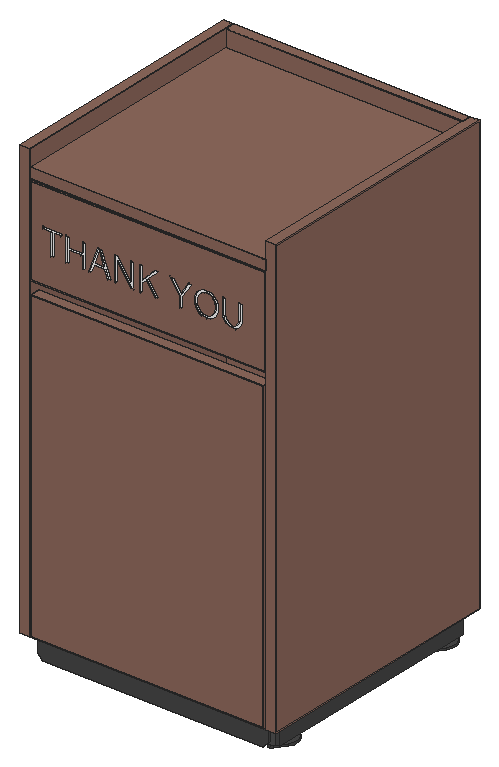
Revit family "Plymold-Receptacles-Economy_Waste", category Furniture, Revit 2022
Family settings
  OmniClass Number = 23.40.20.00
  OmniClass Title = General Furniture and Specialties
  Work Plane-Based = No
  Always vertical = Yes
  Cut with Voids When Loaded = No
  Render Appearance Source = Family Geometry
  Shared = No
  Room Calculation Point = No
Parameters (values of type "80501")
  Width = 23"
  URL = "https://plymold.com/"
  Type Comments = "Receptacles"  # constant formula
  TOP MATERIAL = PLY - Wood Mahogany - Horizontal
  Sustainability = "https://plymold.com/plymolds-sustainability-efforts/"
  SIDE MATERIAL = PLY - Wood Mahogany - Vertical
  Revit File Built By = "https://servex-us.com/servex-revit/"
  Product Documentation Link = "https://plymold.com/product/economy-waste-receptacle-with-swing-door/"
  Model = "80501"  # constant formula
  Manufacturer = "Plymold Inc."  # constant formula
  Keynote = "12500"  # constant formula
  Height = 42 1/2"
  GLIDES MATERIAL = PLY - Plastic Black
  EDGE MATERIAL = PLY - Wood Mahogany - Vertical
  Description = "Shelf Top Waste Receptacle - 23\"W x 23\"D x 41.5\"H"
  Depth = 23"
  Default Elevation = 0"
  DOOR MATERIAL = PLY - Wood Mahogany - Vertical
  BASE MATERIAL = PLY - Onyx Black Powdercoat
  BACK MATERIAL = PLY - Wood Mahogany - Vertical
  Assembly Code = "E2020200"
Reference planes (in)
  plane 1 "Center Front/Back": y = 0
  plane 2: z = 0
  plane 3 "Center Left/Right": x = 0
  plane 4: x = -11.5
  plane 5: x = 11.5
  plane 6: y = 11.5
  plane 7: y = -11.5
  plane 8: z = 42.5
  plane 9: y = -10.602
  plane 10: y = 10.625
  plane 11: y = -9.9605
Forms (in)
  Extrusion 1, solid, material "PLY - Wood Mahogany - Vertical" <- "SIDE MATERIAL"
    sketch origin (0, 0, 0) x (1, 0, 0) y (0, 0, 1)
      loop
        line (-10.6875, 41.96875) -> (-11.5625, 41.96875) -> (-11.5625, 2.53125) -> (-10.6875, 2.53125) -> (-10.6875, 41.96875)
      loop
        line (10.6875, 41.96875) -> (10.6875, 2.53125) -> (11.5625, 2.53125) -> (11.5625, 41.96875) -> (10.6875, 41.96875)
    from -11.46875 to 11.46875
  Extrusion 2, solid, material "PLY - Wood Mahogany - Horizontal" <- "TOP MATERIAL"
    sketch origin (0, 0, 0) x (0, 1, 0) y (0, 0, 1)
      loop
        line (10.625, 40.5) -> (-11.46875, 40.5) -> (-11.46875, 39.625) -> (10.625, 39.625) -> (10.625, 40.5)
    from -10.6875 to 10.6875
  Extrusion 3, solid, material "PLY - Wood Mahogany - Vertical" <- "BACK MATERIAL"
    sketch origin (0, 0, 0) x (0, 1, 0) y (0, 0, 1)
      loop
        line (10.625, 41.96875) -> (10.625, 2.53125) -> (11.5, 2.53125) -> (11.5, 41.96875) -> (10.625, 41.96875)
    from -10.6875 to 10.6875
  Sweep 4, solid, material "PLY - Wood Mahogany - Vertical" <- "EDGE MATERIAL"
    path origin (0, 0, 0) x (0, 1, 0) y (0, 0, 1)
      loop
        line (11.5, 42) -> (-11.5, 42) -> (-11.5, 2.5) -> (11.5, 2.5) -> (11.5, 42)
    profile origin (0, 0, 42) x (0, 0, -1) y (1, 0, 0)
      loop
        line (0, -11.5625) -> (0.03125, -11.5625) -> (0.03125, -10.6875) -> (0, -10.6875) -> (0, -11.5625)
      loop
        line (0, 11.5625) -> (0, 10.6875) -> (0.03125, 10.6875) -> (0.03125, 11.5625) -> (0, 11.5625)
  Extrusion 5, solid, material "PLY - Wood Mahogany - Vertical" <- "EDGE MATERIAL"
    sketch origin (0, 0, 0) x (0, 1, 0) y (0, 0, 1)
      loop
        line (-11.46875, 40.5) -> (-11.5, 40.5) -> (-11.5, 39.625) -> (-11.46875, 39.625) -> (-11.46875, 40.5)
    from -10.6875 to 10.6875
  Extrusion 6, solid, material "PLY - Wood Mahogany - Vertical" <- "EDGE MATERIAL"
    sketch origin (0, 0, 0) x (0, 1, 0) y (0, 0, 1)
      loop
        line (10.625, 2.53125) -> (10.625, 2.5) -> (11.5, 2.5) -> (11.5, 2.53125) -> (10.625, 2.53125)
      loop
        line (10.625, 42) -> (10.625, 41.96875) -> (11.5, 41.96875) -> (11.5, 42) -> (10.625, 42)
    from -10.6875 to 10.6875
  Extrusion 7, solid, material "PLY - Wood Mahogany - Vertical" <- "EDGE MATERIAL"
    sketch origin (0, 0, 0) x (1, 0, 0) y (0, 0, 1)
      loop
        line (-10.5625, 39.488) -> (-10.5625, 31.363) -> (10.5625, 31.363) -> (10.5625, 39.488) -> (-10.5625, 39.488)
      loop
        line (10.53125, 31.39425) -> (10.53125, 39.45675) -> (-10.53125, 39.45675) -> (-10.53125, 31.39425) -> (10.53125, 31.39425)
      loop
        line (10.438, 30.237) -> (-10.593, 30.237) -> (-10.593, 2.5) -> (10.438, 2.5) -> (10.438, 30.237)
      loop
        line (-10.56175, 30.20575) -> (-10.56175, 2.53125) -> (10.40675, 2.53125) -> (10.40675, 30.20575) -> (-10.56175, 30.20575)
    from 10.602 to 11.5
  Extrusion 8, solid, material "PLY - Wood Mahogany - Vertical" <- "DOOR MATERIAL"
    sketch origin (0, 0, 0) x (1, 0, 0) y (0, 0, 1)
      loop
        line (-10.53125, 39.45675) -> (-10.53125, 31.39425) -> (10.53125, 31.39425) -> (10.53125, 39.45675) -> (-10.53125, 39.45675)
      loop
        line (10.40675, 30.20575) -> (-10.56175, 30.20575) -> (-10.56175, 2.53125) -> (10.40675, 2.53125) -> (10.40675, 30.20575)
    from 10.602 to 11.5
  Extrusion 9, solid, material "PLY - Onyx Black Powdercoat" <- "BASE MATERIAL"
    sketch origin (0, 0, 0) x (1, 0, 0) y (0, 0, 1)
      loop
        line (-10.218, 3.5) -> (-10.593, 3.5) -> (-10.593, 0.5) -> (-10.218, 0.5) -> (-10.218, 3.5)
      loop
        line (10.3125, 3.5) -> (10.3125, 0.5) -> (10.6875, 0.5) -> (10.6875, 3.5) -> (10.3125, 3.5)
    from -10.625 to 9.9605
  Extrusion 10, solid, material "PLY - Onyx Black Powdercoat" <- "BASE MATERIAL"
    sketch origin (0, 0, 0) x (0, 1, 0) y (0, 0, 1)
      loop
        line (10.49, 3.5) -> (10.355, 3.5) -> (10.355, 0.5) -> (10.49, 0.5) -> (10.49, 3.5)
    from -10.218 to 10.3125
  Extrusion 11, solid, material "PLY - Onyx Black Powdercoat" <- "BASE MATERIAL"
    sketch origin (0, 0, 0) x (1, 0, 0) y (0, 0, 1)
      loop
        line (-10.5307, 1) -> (-10.0307, 0.5) -> (9.8443, 0.5) -> (10.3443, 1) -> (10.3443, 3.5) -> (-10.5307, 3.5) -> (-10.5307, 1)
    from 10.66747 to 10.80247
  Extrusion 12, solid, material "PLY - Plastic Black" <- "GLIDES MATERIAL"
    sketch origin (0, 0, 0) x (1, 0, 0) y (0, 1, 0)
      loop
        line (8.76623, -8.83915) -> (9.42189, -9.73345)
        arc (9.42189, -9.73345) -> (9.67351, -9.86097) -> (9.92513, -9.73345) r 0.312
        line (9.92513, -9.73345) -> (10.58079, -8.83915)
        arc (10.58079, -8.83915) -> (9.67351, -7.04897) -> (8.76623, -8.83915) r 1.125
      loop
        arc (-8.63754, -8.83915) -> (-9.54482, -7.04897) -> (-10.4521, -8.83915) r 1.125
        line (-10.4521, -8.83915) -> (-9.79644, -9.73345)
        arc (-9.79644, -9.73345) -> (-9.54482, -9.86097) -> (-9.2932, -9.73345) r 0.312
        line (-9.2932, -9.73345) -> (-8.63754, -8.83915)
      loop
        line (8.83654, 8.91085) -> (9.4922, 8.01655)
        arc (9.4922, 8.01655) -> (9.74382, 7.88903) -> (9.99544, 8.01655) r 0.312
        line (9.99544, 8.01655) -> (10.6511, 8.91085)
        arc (10.6511, 8.91085) -> (9.74382, 10.70103) -> (8.83654, 8.91085) r 1.125
      loop
        arc (-8.75458, 8.92314) -> (-9.66186, 10.71332) -> (-10.56914, 8.92314) r 1.125
        line (-10.56914, 8.92314) -> (-9.91348, 8.02884)
        arc (-9.91348, 8.02884) -> (-9.66186, 7.90132) -> (-9.41024, 8.02884) r 0.312
        line (-9.41024, 8.02884) -> (-8.75458, 8.92314)
    from 0 to 0.187
  Extrusion 13, solid, material "PLY - Plastic Black" <- "GLIDES MATERIAL"
    sketch origin (0, 0, 0) x (1, 0, 0) y (0, 1, 0)
      loop
        circle (9.73991, 9.58957) r 0.1875
      loop
        circle (-9.66186, 9.58957) r 0.1875
      loop
        circle (-9.54482, -8.20105) r 0.1875
      loop
        circle (9.67351, -8.17484) r 0.1875
    from 0.187 to 1.437
  Extrusion 14, void
    sketch origin (0, -0.60683, 0) x (1, 0, 0) y (0, 0, 1)
      loop
        line (-9.47176, 36.16063) -> (-9.47176, 35.89482) -> (-8.7309, 35.89482) -> (-8.7309, 33.91063) -> (-8.4325, 33.91063) -> (-8.4325, 35.89482) -> (-7.68822, 35.89482) -> (-7.68822, 36.16063) -> (-9.47176, 36.16063)
      loop
        line (-7.37096, 36.16063) -> (-7.37096, 33.91063) -> (-7.07256, 33.91063) -> (-7.07256, 34.97047) -> (-5.9064, 34.97047) -> (-5.9064, 33.91063) -> (-5.608, 33.91063) -> (-5.608, 36.16063) -> (-5.9064, 36.16063) -> (-5.9064, 35.23628) -> (-7.07256, 35.23628) -> (-7.07256, 36.16063) -> (-7.37096, 36.16063)
      loop
        line (-5.35762, 33.91063) -> (-5.04207, 33.91063) -> (-4.79442, 34.59105) -> (-3.8519, 34.59105) -> (-3.59123, 33.91022) -> (-3.25167, 33.91022) -> (-4.17088, 36.16022) -> (-4.49329, 36.16022) -> (-5.35762, 33.91063)
      loop
        line (-4.71441, 34.83285) -> (-3.94576, 34.83285) -> (-4.33009, 35.94902) -> (-4.71441, 34.83285)
      loop
        line (-3.01673, 33.91022) -> (-2.73205, 33.91022) -> (-2.73205, 35.6766) -> (-1.54874, 33.91022) -> (-1.24348, 33.91022) -> (-1.24348, 36.16022) -> (-1.52816, 36.16022) -> (-1.52816, 34.39383) -> (-2.71147, 36.16022) -> (-3.01673, 36.16022) -> (-3.01673, 33.91022)
      loop
        line (-0.75644, 36.16022) -> (-0.75644, 33.91022) -> (-0.45804, 33.91022) -> (-0.45804, 34.69051) -> (-0.08932, 35.04722) -> (0.71155, 33.91022) -> (1.10427, 33.91022) -> (0.11914, 35.2489) -> (1.06345, 36.16026) -> (0.71012, 36.16026) -> (-0.45804, 34.99603) -> (-0.45804, 36.16022) -> (-0.75644, 36.16022)
      loop
        line (1.99261, 36.16022) -> (2.86037, 34.86372) -> (2.86037, 33.91022) -> (3.15877, 33.91022) -> (3.15877, 34.86372) -> (4.0574, 36.16022) -> (3.71098, 36.16022) -> (3.02841, 35.10037) -> (2.35446, 36.16022) -> (1.99261, 36.16022)
      loop
        line (6.77386, 36.16022) -> (6.77386, 34.75486)
        arc (6.77386, 34.75486) -> (7.65877, 33.86995) -> (8.54368, 34.75486) r 0.88491
        line (8.54368, 34.75486) -> (8.54368, 36.16022) -> (8.24528, 36.16022) -> (8.24528, 34.72864)
        arc (8.24528, 34.72864) -> (7.65877, 34.14213) -> (7.07226, 34.72864) r 0.58651
        line (7.07226, 34.72864) -> (7.07226, 36.16022) -> (6.77386, 36.16022)
      loop
        arc (4.23514, 34.94507) -> (5.31027, 33.86995) -> (6.38539, 34.94507) r 1.07513
        line (6.38539, 34.94507) -> (6.38539, 35.09043)
        arc (6.38539, 35.09043) -> (5.31027, 36.16555) -> (4.23514, 35.09043) r 1.07513
        line (4.23514, 35.09043) -> (4.23514, 34.94507)
      loop
        arc (4.53354, 34.89469) -> (5.31027, 34.11797) -> (6.08699, 34.89469) r 0.77673
        line (6.08699, 34.89469) -> (6.08699, 35.14081)
        arc (6.08699, 35.14081) -> (5.31027, 35.91753) -> (4.53354, 35.14081) r 0.77673
        line (4.53354, 35.14081) -> (4.53354, 34.89469)
    from 10.89317 to 10.86192
Cuts and joins
  Extrusion 14 cuts Extrusion 8
Lines and regions (in)
  symbolic lines
    curve 1: line (-11.5625, 11.5, 0) -> (11.5625, 11.5, 0)
    curve 2: line (-11.5625, -11.5, 0) -> (-11.5625, 11.5, 0)
    curve 3: line (11.5625, -11.5, 0) -> (-11.5625, -11.5, 0)
    curve 4: line (11.5625, 11.5, 0) -> (11.5625, -11.5, 0)
    curve 5: line (10.6875, -11.5, 0) -> (10.6875, 11.5, 0)
    curve 6: line (10.6875, 10.625, 0) -> (-10.6875, 10.625, 0)
    curve 7: line (-10.6875, 11.5, 0) -> (-10.6875, -11.5, 0)
    curve 8: line (-10.6875, -11.46875, 0) -> (10.6875, -11.46875, 0)
  symbolic lines, style "FurnitureHiddenLines", detail levels fine
    curve 9: arc (-8.75458, 8.92314, 0) -> (-9.66186, 10.71332, 0) -> (-10.56914, 8.92314, 0) r 1.125
    curve 10: line (-9.41024, 8.02884, 0) -> (-8.75458, 8.92314, 0)
    curve 11: arc (-9.91348, 8.02884, 0) -> (-9.66186, 7.90132, 0) -> (-9.41024, 8.02884, 0) r 0.312
    curve 12: line (-10.56914, 8.92314, 0) -> (-9.91348, 8.02884, 0)
    curve 13: arc (10.6511, 8.91085, 0) -> (9.74382, 10.70103, 0) -> (8.83654, 8.91085, 0) r 1.125
    curve 14: line (8.83654, 8.91085, 0) -> (9.4922, 8.01655, 0)
    curve 15: arc (9.4922, 8.01655, 0) -> (9.74382, 7.88903, 0) -> (9.99544, 8.01655, 0) r 0.312
    curve 16: line (9.99544, 8.01655, 0) -> (10.6511, 8.91085, 0)
    curve 17: arc (-8.63754, -8.83915, 0) -> (-9.54482, -7.04897, 0) -> (-10.4521, -8.83915, 0) r 1.125
    curve 18: line (-9.2932, -9.73345, 0) -> (-8.63754, -8.83915, 0)
    curve 19: line (-10.4521, -8.83915, 0) -> (-9.79644, -9.73345, 0)
    curve 20: arc (-9.79644, -9.73345, 0) -> (-9.54482, -9.86097, 0) -> (-9.2932, -9.73345, 0) r 0.312
    curve 21: arc (10.58079, -8.83915, 0) -> (9.67351, -7.04897, 0) -> (8.76623, -8.83915, 0) r 1.125
    curve 22: line (8.76623, -8.83915, 0) -> (9.42189, -9.73345, 0)
    curve 23: arc (9.42189, -9.73345, 0) -> (9.67351, -9.86097, 0) -> (9.92513, -9.73345, 0) r 0.312
    curve 24: line (9.92513, -9.73345, 0) -> (10.58079, -8.83915, 0)
Dimensions and locks (in)
  equal spacing: plane 4, plane 3 "Center Left/Right", plane 5
  "Width": plane 4 to plane 5
  "Depth": plane 6 to plane 7
  equal spacing: plane 7, plane 1 "Center Front/Back", plane 6
  "Height": plane 8 to plane 2
  Extrusion 7 sketch curve to Extrusion 7 sketch curve to plane 3 "Center Left/Right" to Extrusion 7 sketch curve to Extrusion 7 sketch curve = 1/32" locked, 10.56175" locked, 10.40675" locked, 1/32" locked
  Extrusion 7 sketch curve to Extrusion 7 sketch curve to Extrusion 7 sketch curve to Extrusion 7 sketch curve to Extrusion 7 sketch curve to Extrusion 7 sketch curve to Extrusion 7 sketch curve to Extrusion 7 sketch curve to plane 2 = 1/32" locked, 8 1/16" locked, 1/32" locked, 1.126" locked, 1/32" locked, 27.6745" locked, 1/32" locked, 2 1/2" locked
  Extrusion 7 sketch curve to Extrusion 7 sketch curve to plane 3 "Center Left/Right" to Extrusion 7 sketch curve to Extrusion 7 sketch curve = 1/32" locked, 10 17/32" locked, 10 17/32" locked, 1/32" locked
  locked: Sweep 4 sketch curve to plane 2 at 2.5
  plane 8 to Sweep 4 sketch curve to Sweep 4 sketch curve = 1/2" locked, 1/32" locked  (x2)
  Sweep 4 sketch curve to plane 5 to Sweep 4 sketch curve = 13/16" locked, 1/16" locked
  Sweep 4 sketch curve to plane 4 to Sweep 4 sketch curve = 13/16" locked, 1/16" locked
  Extrusion 1 sketch curve to Extrusion 1 sketch curve to plane 3 "Center Left/Right" to Extrusion 1 sketch curve to Extrusion 1 sketch curve = 7/8" locked, 10 11/16" locked, 10 11/16" locked, 7/8" locked
  locked: Extrusion 1 sketch curve to plane 2 at 2.53125  (x2)
  locked: plane 8 to Extrusion 1 sketch curve at 0.53125  (x2)
  Extrusion 8 sketch curve to plane 3 "Center Left/Right" to Extrusion 8 sketch curve = 10 17/32" locked, 10 17/32" locked
  Extrusion 8 sketch curve to Extrusion 8 sketch curve to Extrusion 8 sketch curve to Extrusion 8 sketch curve to plane 2 = 8 1/16" locked, 1.1885" locked, 27.6745" locked, 2 17/32" locked
  Extrusion 8 sketch curve to plane 3 "Center Left/Right" to Extrusion 8 sketch curve = 10.56175" locked, 10.40675" locked
  locked: plane 6 to plane 10 at 0.875
  plane 11 to plane 9 to plane 7 = 0.6415" locked, 0.898" locked
  Extrusion 9 sketch curve to Extrusion 9 sketch curve to plane 3 "Center Left/Right" to Extrusion 9 sketch curve to Extrusion 9 sketch curve = 3/8" locked, 10.218" locked, 10 5/16" locked, 3/8" locked
  Extrusion 9 sketch curve to Extrusion 9 sketch curve to plane 2 = 3" locked, 1/2" locked  (x2)
  plane 2 to Extrusion 10 sketch curve to Extrusion 10 sketch curve = 1/2" locked, 3" locked
  plane 6 to Extrusion 10 sketch curve to Extrusion 10 sketch curve = 1.01" locked, 0.135" locked
  Extrusion 2 sketch curve to Extrusion 2 sketch curve to plane 2 = 7/8" locked, 39 5/8" locked
  locked: Extrusion 2 sketch curve to plane 7 at 0.03125
  locked: Extrusion 5 sketch curve to plane 7 at 0.03125
  Extrusion 5 sketch curve to Extrusion 5 sketch curve to plane 2 = 7/8" locked, 39 5/8" locked
  aligned and locked: level to plane 2
  aligned and locked: Extrusion 5 sketch curve to plane 7
  aligned and locked: plane 6 to Extrusion 6 sketch curve  (x2)
  aligned and locked: Sweep 4 sketch curve to plane 6
  aligned and locked: Sweep 4 sketch curve to plane 7
  aligned and locked: Extrusion 8 to plane 9
  aligned and locked: plane 7 to Extrusion 8
  aligned and locked: plane 10 to Extrusion 9
  aligned and locked: plane 11 to Extrusion 9
  aligned and locked: Extrusion 10 to Extrusion 9  (x2)
  aligned and locked: plane 10 to Extrusion 2 sketch curve
  aligned and locked: Extrusion 14 to plane 7
  aligned and locked: Extrusion 14 to Extrusion 1
Automatic sketch dimensions
  Extrusion 3 sketch curve to plane 6 = 0"
  Extrusion 3 sketch curve to plane 6 = 7/8"
  level to Extrusion 3 sketch curve = 2 17/32"
  Extrusion 3 sketch curve to plane 8 = 17/32"
  Sweep 4 sketch curve to plane 8 = 1/2"
  Extrusion 6 sketch curve to Extrusion 6 sketch curve = 7/8"  (x2)
  level to Extrusion 6 sketch curve = 2 1/2"
  Extrusion 6 sketch curve to Extrusion 6 sketch curve = 1/32"  (x2)
  Extrusion 6 sketch curve to plane 8 = 17/32"
  plane 4 to Extrusion 11 sketch curve = 0.9693"
  plane 5 to Extrusion 11 sketch curve = 1.1557"
  level to Extrusion 11 sketch curve = 1"  (x2)
  Extrusion 11 sketch curve to Extrusion 11 sketch curve = 2 1/2"
  Extrusion 11 sketch curve to Extrusion 11 sketch curve = 1/2"  (x2)
  level to Extrusion 11 sketch curve = 1/2"
  plane 4 to Extrusion 12 sketch curve = 1.0479"
  plane 4 to Extrusion 12 sketch curve = 0.93086"
  Extrusion 12 sketch curve to Extrusion 12 sketch curve = 0.65566"  (x6)
  Extrusion 12 sketch curve to plane 11 = 0.22705"  (x4)
  Extrusion 12 sketch curve to Extrusion 12 sketch curve = 0.90728"  (x4)
  Extrusion 12 sketch curve to Extrusion 12 sketch curve = 0.25162"  (x6)
  Extrusion 12 sketch curve to plane 11 = 1.12135"  (x2)
  Extrusion 12 sketch curve to plane 10 = 1.70186"
  plane 5 to Extrusion 12 sketch curve = 2.66346"
  plane 5 to Extrusion 12 sketch curve = 2.73377"
  plane 5 to Extrusion 12 sketch curve = 0.8489"
  plane 5 to Extrusion 12 sketch curve = 0.91921"
  Extrusion 12 sketch curve to Extrusion 12 sketch curve = 0.18448"  (x4)
  Extrusion 12 sketch curve to Extrusion 12 sketch curve = 0.66518"  (x2)
  Extrusion 12 sketch curve to plane 10 = 2.60845"
  Extrusion 12 sketch curve to Extrusion 12 sketch curve = 0.8943"  (x2)
  Extrusion 12 sketch curve to plane 10 = 1.03668"
  Extrusion 12 sketch curve to plane 10 = 1.04897"
  plane 4 to Extrusion 13 sketch curve = 1.83814"
  plane 4 to Extrusion 13 sketch curve = 1.95518"
  Extrusion 13 sketch curve to plane 11 = 1.75945"
  Extrusion 13 sketch curve to plane 11 = 1.78566"
  Extrusion 13 sketch curve to plane 10 = 1.03543"  (x2)
  plane 5 to Extrusion 13 sketch curve = 1.82649"
  plane 5 to Extrusion 13 sketch curve = 1.76009"
  plane 4 to Extrusion 14 sketch curve = 2.02824"
  Extrusion 14 sketch curve to Extrusion 14 sketch curve = 0.74085"
  Extrusion 14 sketch curve to Extrusion 14 sketch curve = 0.2984"  (x6)
  Extrusion 14 sketch curve to Extrusion 14 sketch curve = 0.74428"
  Extrusion 14 sketch curve to Extrusion 14 sketch curve = 0.31726"
  Extrusion 14 sketch curve to Extrusion 14 sketch curve = 0"  (x19)
  Extrusion 14 sketch curve to Extrusion 14 sketch curve = 1.16616"  (x2)
  Extrusion 14 sketch curve to Extrusion 14 sketch curve = 0.25038"
  Extrusion 14 sketch curve to Extrusion 14 sketch curve = 0.31555"
  Extrusion 14 sketch curve to Extrusion 14 sketch curve = 0.24765"
  Extrusion 14 sketch curve to Extrusion 14 sketch curve = 0.08"
  Extrusion 14 sketch curve to Extrusion 14 sketch curve = 1.11471"
  Extrusion 14 sketch curve to Extrusion 14 sketch curve = 0.1632"
  Extrusion 14 sketch curve to Extrusion 14 sketch curve = 0.15921"
  Extrusion 14 sketch curve to Extrusion 14 sketch curve = 0.76865"
  Extrusion 14 sketch curve to Extrusion 14 sketch curve = 0.09386"
  Extrusion 14 sketch curve to Extrusion 14 sketch curve = 0.26067"
  Extrusion 14 sketch curve to Extrusion 14 sketch curve = 0.33956"
  Extrusion 14 sketch curve to Extrusion 14 sketch curve = 0.23495"
  Extrusion 14 sketch curve to Extrusion 14 sketch curve = 0.28468"  (x2)
  Extrusion 14 sketch curve to Extrusion 14 sketch curve = 0.30526"
  Extrusion 14 sketch curve to Extrusion 14 sketch curve = 1.18331"
  Extrusion 14 sketch curve to Extrusion 14 sketch curve = 0.02058"
  Extrusion 14 sketch curve to Extrusion 14 sketch curve = 0.48704"
  Extrusion 14 sketch curve to plane 3 "Center Left/Right" = 0.08932"
  plane 3 "Center Left/Right" to Extrusion 14 sketch curve = 0.11914"
  plane 3 "Center Left/Right" to Extrusion 14 sketch curve = 0.71012"
  plane 3 "Center Left/Right" to Extrusion 14 sketch curve = 0.71155"
  Extrusion 14 sketch curve to Extrusion 14 sketch curve = 0.35334"
  Extrusion 14 sketch curve to Extrusion 14 sketch curve = 0.39272"
  Extrusion 14 sketch curve to Extrusion 14 sketch curve = 0.92916"
  Extrusion 14 sketch curve to Extrusion 14 sketch curve = 0.36185"
  Extrusion 14 sketch curve to Extrusion 14 sketch curve = 0.50591"
  Extrusion 14 sketch curve to Extrusion 14 sketch curve = 0.16804"
  Extrusion 14 sketch curve to Extrusion 14 sketch curve = 0.13036"
  Extrusion 14 sketch curve to Extrusion 14 sketch curve = 0.68257"
  Extrusion 14 sketch curve to Extrusion 14 sketch curve = 0.34642"
  Extrusion 14 sketch curve to Extrusion 14 sketch curve = 0.17774"
  Extrusion 14 sketch curve to Extrusion 14 sketch curve = 0.77673"
  Extrusion 14 sketch curve to Extrusion 14 sketch curve = 0.38847"
  Extrusion 14 sketch curve to Extrusion 14 sketch curve = 0.58651"
  Extrusion 14 sketch curve to Extrusion 14 sketch curve = 1.76639"
  Extrusion 14 sketch curve to Extrusion 14 sketch curve = 0.68083"
  Extrusion 14 sketch curve to Extrusion 14 sketch curve = 0.68041"  (x2)
  Extrusion 14 sketch curve to Extrusion 14 sketch curve = 0.48361"  (x3)
  Extrusion 14 sketch curve to Extrusion 14 sketch curve = 0.95351"
  Extrusion 14 sketch curve to Extrusion 14 sketch curve = 0.7803"
  Extrusion 14 sketch curve to Extrusion 14 sketch curve = 0.05038"  (x2)
  Extrusion 14 sketch curve to Extrusion 14 sketch curve = 0.21643"
  Extrusion 14 sketch curve to Extrusion 14 sketch curve = 0.02622"
  Extrusion 14 sketch curve to Extrusion 14 sketch curve = 0.23665"
  Extrusion 14 sketch curve to Extrusion 14 sketch curve = 1.05983"
  Extrusion 14 sketch curve to Extrusion 14 sketch curve = 0.30551"
  Extrusion 14 sketch curve to Extrusion 14 sketch curve = 0.05119"
  Extrusion 14 sketch curve to Extrusion 14 sketch curve = 0.14535"
  Extrusion 14 sketch curve to Extrusion 14 sketch curve = 0.26582"  (x2)
  Extrusion 14 sketch curve to Extrusion 14 sketch curve = 0.20168"
  Extrusion 14 sketch curve to plane 8 = 8.58978"
  Extrusion 14 sketch curve to Extrusion 14 sketch curve = 0.03097"
  Extrusion 14 sketch curve to Extrusion 14 sketch curve = 0.24181"
  Extrusion 14 sketch curve to Extrusion 14 sketch curve = 0.65854"
  Extrusion 14 sketch curve to Extrusion 14 sketch curve = 1.11617"
  Extrusion 14 sketch curve to Extrusion 14 sketch curve = 1.05985"
  Extrusion 14 sketch curve to Extrusion 14 sketch curve = 1.06979"  (x2)
  Extrusion 14 sketch curve to Extrusion 14 sketch curve = 1.40536"
  Extrusion 14 sketch curve to Extrusion 14 sketch curve = 0.91136"
  Extrusion 14 sketch curve to Extrusion 14 sketch curve = 0.92435"
  Extrusion 14 sketch curve to Extrusion 14 sketch curve = 0.2112"
  plane 7 to curve 3 = 0"
  curve 2 to plane 6 = 0"
  curve 6 to plane 10 = 0"
  curve 3 to plane 4 = 1/16"
  curve 3 to plane 5 = 1/16"
  plane 4 to curve 7 = 13/16"
  curve 8 to curve 7 = 0"
  plane 5 to curve 5 = 13/16"
  curve 8 to plane 7 = 1/32"
  curve 6 to curve 9 = 1.02564"
  curve 9 to curve 10 = 0.90728"
  curve 10 to plane 10 = 1.70186"
  curve 9 to plane 10 = 1.03668"
  plane 4 to curve 9 = 0.93086"
  curve 10 to curve 9 = 0.65566"
  curve 10 to curve 9 = 0.8943"
  curve 11 to curve 10 = 0.25162"
  curve 10 to curve 11 = 0.18448"
  curve 11 to curve 11 = 0.25162"
  curve 14 to curve 6 = 1.85096"
  curve 14 to curve 13 = 0.90728"
  curve 14 to plane 10 = 1.71415"
  curve 13 to plane 10 = 1.04897"
  curve 14 to curve 14 = 0.65566"
  plane 5 to curve 13 = 0.8489"
  curve 14 to curve 14 = 0.8943"
  curve 14 to curve 15 = 0.25162"
  curve 14 to curve 15 = 0.18448"
  curve 15 to curve 15 = 0.25162"
  plane 4 to curve 17 = 1.95518"
  curve 18 to plane 11 = 1.12135"
  curve 17 to curve 18 = 0.90728"
  curve 18 to curve 17 = 0.66518"
  plane 4 to curve 17 = 1.0479"
  curve 18 to plane 11 = 0.22705"
  curve 18 to curve 17 = 0.65566"
  curve 19 to plane 11 = 0.22705"
  curve 19 to curve 18 = 0.50324"
  curve 20 to curve 20 = 0.18448"
  curve 22 to plane 11 = 1.12135"
  plane 5 to curve 22 = 2.73377"
  curve 22 to curve 21 = 0.90728"
  curve 21 to curve 21 = 0.66518"
  curve 22 to plane 11 = 0.22705"
  curve 22 to curve 22 = 0.65566"
  plane 5 to curve 21 = 0.91921"
  curve 22 to curve 23 = 0.25162"
  curve 22 to curve 23 = 0.18448"
  curve 23 to plane 11 = 0.22705"
  radius of Extrusion 13 sketch curve = 3/16"  (x4)
